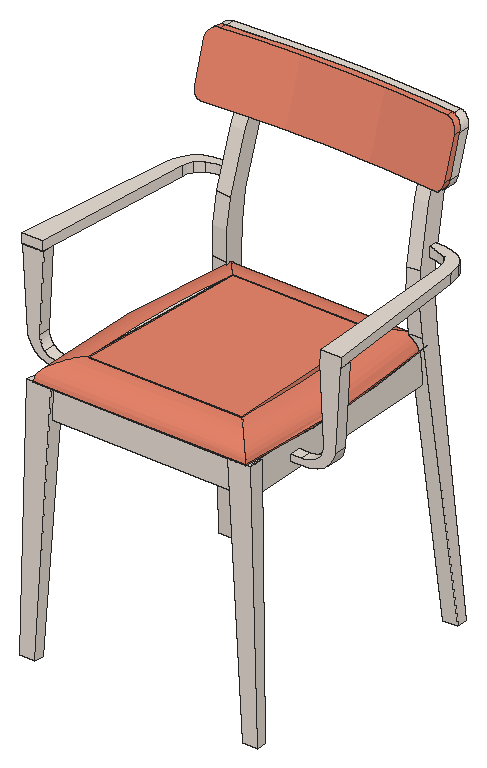
Revit family "FU_Chair_Sandler_Inga 2-3", category Furniture, Revit 2020
Family settings
  OmniClass Number = 23.40.20.00
  OmniClass Title = General Furniture and Specialties
  Work Plane-Based = No
  Always vertical = Yes
  Cut with Voids When Loaded = No
  Shared = No
  Room Calculation Point = No
Parameters (values of type "Inga 2.3")
  Width = 465 mm
  URL = "https://www.sandlerseating.com/product/inga-2-3/"
  Seat [instance] = Fabric - Manhattan - Lexington YI113
  Model = "Inga 2.3"
  Manufacturer = "Sandler"
  Height = 850 mm
  Frame [instance] = Wood -  Aniline - White
  Description = "Stackable armchair with an upholstered seat and back on a solid beech frame."
  Depth = 505 mm
  Default Elevation = 0 mm
Reference planes
  plane 1 "Center (Front/Back)": y = 0
  plane 2: z = 0
  plane 3 "Center (Left/Right)": x = 0
  plane 4 "Right": x = -232.5
  plane 5 "Left": x = 232.5
  plane 6 "Back": y = 252.5
  plane 7 "Front": y = -252.5
  plane 8 "Height": z = 850
  plane 9 "Seat height": z = 480
  plane 10 "BR L Angle Front": through (-170.406, -1524, 798.107) normal (0.9986, 0, -0.0525)
  plane 11 "Frame Height": z = 464.829
  plane 12: x = -297.5
  plane 13: x = 297.5
  plane 14 "Arm Height": z = 634.249
  plane 15 "arm front": y = -152.936
Forms (mm)
  Extrusion 1, solid, material "Wood -  Aniline - White" <- "Frame"
    sketch origin (-211.773, 0, 11.254) x (0.052501, 0, 0.998621) y (0, -1, 0)
      loop
        line (-11.17, -211.485) -> (-11.17, -231.113) -> (480.792, -196.712)
        arc (480.792, -196.712) -> (535.769, -194.943) -> (590.586, -199.497) r 478.313
        arc (590.586, -199.497) -> (681.592, -217.224) -> (770.268, -244.297) r 892.578
        arc (770.268, -244.297) -> (782.45, -242.471) -> (787.563, -231.264) r 12.917
        arc (787.563, -231.264) -> (691.299, -191.886) -> (590.509, -166.224) r 748.904
        arc (590.509, -166.224) -> (535.595, -160.79) -> (480.526, -164.305) r 340.245
        line (480.526, -164.305) -> (-11.17, -211.485)
    from -9.615 to 16.927
  Extrusion 2, solid, material "Wood -  Aniline - White" <- "Frame"
    sketch origin (211.773, 0, 11.254) x (-0.052501, 0, 0.998621) y (0, 1, 0)
      loop
        line (-11.17, 211.485) -> (480.526, 164.305)
        arc (480.526, 164.305) -> (535.595, 160.79) -> (590.509, 166.224) r 340.245
        arc (590.509, 166.224) -> (691.299, 191.886) -> (787.563, 231.264) r 748.904
        arc (787.563, 231.264) -> (782.45, 242.471) -> (770.268, 244.297) r 12.917
        arc (770.268, 244.297) -> (681.592, 217.224) -> (590.586, 199.497) r 892.578
        arc (590.586, 199.497) -> (535.769, 194.943) -> (480.792, 196.712) r 478.313
        line (480.792, 196.712) -> (-11.17, 231.113) -> (-11.17, 211.485)
    from -9.615 to 16.927
  Blend 3, solid, material "Wood -  Aniline - White" <- "Frame"
    base sketch origin (0, 0, 0) x (1, 0, 0) y (0, 1, 0)
      loop
        line (-222.143, -252.5) -> (-194.143, -252.5) -> (-192.581, -235) -> (-220.581, -235) -> (-222.143, -252.5)
    top sketch origin (0, 0, 0) x (1, 0, 0) y (0, 1, 0)
      loop
        line (-208.793, -252.5) -> (-165.202, -252.5) -> (-163.672, -225.762) -> (-207.263, -225.762) -> (-208.793, -252.5)
    from 0 to 464.829
  Blend 4, solid, material "Wood -  Aniline - White" <- "Frame"
    base sketch origin (0, 0, 0) x (-1, 0, 0) y (0, -1, 0)
      loop
        line (-222.143, 252.5) -> (-220.581, 235) -> (-192.581, 235) -> (-194.143, 252.5) -> (-222.143, 252.5)
    top sketch origin (0, 0, 0) x (-1, 0, 0) y (0, -1, 0)
      loop
        line (-208.793, 252.5) -> (-207.263, 225.762) -> (-163.672, 225.762) -> (-165.202, 252.5) -> (-208.793, 252.5)
    from 0 to 464.829
  Extrusion 5, solid, material "Wood -  Aniline - White" <- "Frame"
    sketch origin (0, 0, 464.829) x (-1, 0, 0) y (0, -1, 0)
      loop
        line (205.371, 246.484) -> (-205.371, 246.484) -> (-187.14, -189.895) -> (187.14, -189.895) -> (205.371, 246.484)
      loop
        line (-187.207, 232.22) -> (-170.168, -175.631) -> (170.168, -175.631) -> (187.207, 232.22) -> (-187.207, 232.22)
    from -56.316 to 0
  Sweep 6, solid, material "Wood -  Aniline - White" <- "Frame"
    path origin (0, 0, 0) x (0, 1, 0) y (0, 0, 1)
      loop
        line (215.898, 721.402) -> (256.979, 850)
    profile "Pro_Inga_Back : Pro_Inga_Back" origin (0, 236.438, 785.701) x (0, -0.952575, 0.304305) y (1, 0, 0)
      loop
        arc (30.116, 241.175) -> (0, -0.038) -> (30.717, -241.175) r 971.366
        line (30.717, -241.175) -> (45.91, -241.175)
        arc (45.91, -241.175) -> (14.46, 0.005) -> (45.984, 241.175) r 939.367
        line (45.984, 241.175) -> (30.116, 241.175)
  Extrusion 7, void
    sketch origin (0, 0, 0) x (1, 0, 0) y (0, 0, 1)
      loop
        arc (210.726, 850.67) -> (-0.03, 841.01) -> (-210.837, 849.498) r 2452.694
        arc (-210.837, 849.498) -> (-226.041, 844.286) -> (-232.5, 829.568) r 20
        line (-232.5, 829.568) -> (-232.5, 759.709)
        arc (-232.5, 759.709) -> (-227.228, 746.178) -> (-214.191, 739.78) r 20
        arc (-214.191, 739.78) -> (0.083, 731.011) -> (214.303, 740.992) r 2452.694
        arc (214.303, 740.992) -> (227.266, 747.421) -> (232.5, 760.91) r 20
        line (232.5, 760.91) -> (232.5, 830.749)
        arc (232.5, 830.749) -> (226, 845.505) -> (210.726, 850.67) r 20
      loop
        line (-261.767, 883.137) -> (-261.767, 708.137) -> (258.233, 708.137) -> (258.233, 883.137) -> (-261.767, 883.137)
    from -262.214 to -161.753
  Extrusion 8, solid, material "Wood -  Aniline - White" <- "Frame"
    sketch origin (0, 0, 634.249) x (-1, 0, 0) y (0, -1, 0)
      loop
        line (-258.681, 152.936) -> (-297.5, 152.936) -> (-265.625, -141.257)
        arc (-265.625, -141.257) -> (-263.246, -154.622) -> (-259.071, -167.539) r 99.55
        arc (-259.071, -167.539) -> (-250.025, -181.605) -> (-236.394, -191.295) r 44.127
        arc (-236.394, -191.295) -> (-213.584, -198.742) -> (-189.69, -200.946) r 107.561
        line (-189.69, -200.946) -> (-189.69, -185.85)
        arc (-189.69, -185.85) -> (-206.459, -183.339) -> (-222.442, -177.679) r 88.584
        arc (-222.442, -177.679) -> (-229.589, -172.891) -> (-234.947, -166.161) r 28.023
        arc (-234.947, -166.161) -> (-238.414, -156.757) -> (-240.003, -146.862) r 51.741
        line (-240.003, -146.862) -> (-258.681, 152.936)
    from -17 to 0
  Extrusion 9, solid, material "Wood -  Aniline - White" <- "Frame"
    sketch origin (0, -152.936, 0) x (-1, 0, 0) y (0, 0, 1)
      loop
        line (-257.647, 617.249) -> (-296.362, 617.249) -> (-286.988, 471.434)
        arc (-286.988, 471.434) -> (-280.3, 453.798) -> (-266.83, 440.597) r 43.897
        arc (-266.83, 440.597) -> (-244.849, 431.096) -> (-221.038, 428.553) r 79.704
        line (-221.038, 428.553) -> (-194.967, 428.553) -> (-194.967, 440.864) -> (-221.579, 440.864)
        arc (-221.579, 440.864) -> (-239.316, 443.436) -> (-254.871, 452.338) r 47.974
        arc (-254.871, 452.338) -> (-262.677, 462.948) -> (-264.994, 475.914) r 29.042
        line (-264.994, 475.914) -> (-257.647, 617.249)
    from 0 to 21.041
  Extrusion 10, solid, material "Wood -  Aniline - White" <- "Frame"
    sketch origin (0, 0, 634.249) x (1, 0, 0) y (0, 1, 0)
      loop
        line (-258.681, -152.936) -> (-240.003, 146.862)
        arc (-240.003, 146.862) -> (-238.414, 156.757) -> (-234.947, 166.161) r 51.741
        arc (-234.947, 166.161) -> (-229.589, 172.891) -> (-222.442, 177.679) r 28.023
        arc (-222.442, 177.679) -> (-206.459, 183.339) -> (-189.69, 185.85) r 88.584
        line (-189.69, 185.85) -> (-189.69, 200.946)
        arc (-189.69, 200.946) -> (-213.584, 198.742) -> (-236.394, 191.295) r 107.561
        arc (-236.394, 191.295) -> (-250.025, 181.605) -> (-259.071, 167.539) r 44.127
        arc (-259.071, 167.539) -> (-263.246, 154.622) -> (-265.625, 141.257) r 99.55
        line (-265.625, 141.257) -> (-297.5, -152.936) -> (-258.681, -152.936)
    from -17 to 0
  Extrusion 11, solid, material "Wood -  Aniline - White" <- "Frame"
    sketch origin (0, -152.936, 0) x (1, 0, 0) y (0, 0, -1)
      loop
        line (-257.647, -617.249) -> (-264.994, -475.914)
        arc (-264.994, -475.914) -> (-262.677, -462.948) -> (-254.871, -452.338) r 29.042
        arc (-254.871, -452.338) -> (-239.316, -443.436) -> (-221.579, -440.864) r 47.974
        line (-221.579, -440.864) -> (-194.967, -440.864) -> (-194.967, -428.553) -> (-221.038, -428.553)
        arc (-221.038, -428.553) -> (-244.849, -431.096) -> (-266.83, -440.597) r 79.704
        arc (-266.83, -440.597) -> (-280.3, -453.798) -> (-286.988, -471.434) r 43.897
        line (-286.988, -471.434) -> (-296.362, -617.249) -> (-257.647, -617.249)
    from 0 to 21.041
  Extrusion 12, solid, material "Fabric - Manhattan - Lexington YI113" <- "Seat"
    sketch origin (0.13, -0.111, 462.638) x (-1, 0, 0) y (0, -1, 0)
      loop
        line (143.159, 192.5) -> (-143.159, 192.5)
        arc (-143.159, 192.5) -> (-144.86, 31.03) -> (-131.489, -129.895) r 1729.054
        line (-131.489, -129.895) -> (131.489, -129.895)
        arc (131.489, -129.895) -> (144.86, 31.03) -> (143.159, 192.5) r 1729.054
    from 0 to 36
  Sweep 13, solid, material "Fabric - Manhattan - Lexington YI113" <- "Seat"
    path in 3D
      loop
        arc (143.29, -192.611, 498.638) -> (144.99, -31.141, 498.638) -> (131.62, 129.783, 498.638) r 1729.054
        line (131.62, 129.783, 498.638) -> (-131.359, 129.783, 498.638)
        arc (-131.359, 129.783, 498.638) -> (-144.73, -31.141, 498.638) -> (-143.029, -192.611, 498.638) r 1729.054
        line (-143.029, -192.611, 498.638) -> (143.29, -192.611, 498.638)
    profile "Pro_Inga_Seat_Edge : Pro_Inga_Seat_Edge" origin (0.13, -192.611, 498.638) x (0, 1, 0) y (0, 0, 1)
      loop
        spline (0, 0) -> (-7.53, -0.285) -> (-14.94, -1.134) -> (-22.115, -2.534) -> (-28.939, -4.464) -> (-35.306, -6.892) -> (-41.115, -9.781) -> (-46.274, -13.084) -> (-50.701, -16.75) -> (-54.327, -20.719) -> (-57.093, -24.931) -> (-58.957, -29.317) -> (-59.889, -33.809)
        arc (-59.889, -33.809) -> (-58.813, -35.39) -> (-57, -36) r 3
        line (-57, -36) -> (0, -36) -> (0, 0)
Cuts and joins
  Extrusion 7 cuts Sweep 6
  joined: Extrusion 8, Extrusion 9
Lines and regions (mm)
  sketch lines
    curve 1: line (-143.029, -192.611, 498.638) -> (143.29, -192.611, 498.638)
    curve 2: arc (131.62, 129.783, 498.638) -> (144.99, -31.141, 498.638) -> (143.29, -192.611, 498.638) r 1729.054
    curve 3: line (131.62, 129.783, 498.638) -> (-131.359, 129.783, 498.638)
    curve 4: arc (-143.029, -192.611, 498.638) -> (-144.73, -31.141, 498.638) -> (-131.359, 129.783, 498.638) r 1729.054
Dimensions and locks
  equal spacing: plane 4 "Right", plane 3 "Center (Left/Right)", plane 5 "Left"
  "Width": plane 4 "Right" to plane 5 "Left"
  equal spacing: plane 6 "Back", plane 1 "Center (Front/Back)", plane 7 "Front"
  "Depth": plane 6 "Back" to plane 7 "Front"
  "Height": plane 8 "Height" to level
  plane 9 "Seat height" to level = 480 mm
  equal spacing: plane 12, plane 3 "Center (Left/Right)", plane 13
  plane 12 to plane 13 = 595 mm
  plane 14 "Arm Height" to level = 634.249 mm
  aligned and locked: level to plane 2
  aligned and locked: plane 11 "Frame Height" to Extrusion 5
Automatic sketch dimensions
  Extrusion 1 sketch curve to plane 6 "Back" = 41.015 mm
  Extrusion 1 sketch curve to Extrusion 1 sketch curve = 467.74 mm
  Extrusion 1 sketch curve to Extrusion 1 sketch curve = 9.088 mm
  Extrusion 1 sketch curve to plane 6 "Back" = 88.195 mm
  Extrusion 1 sketch curve to Extrusion 1 sketch curve = 491.695 mm
  Extrusion 1 sketch curve to plane 6 "Back" = 55.788 mm
  Extrusion 1 sketch curve to Extrusion 1 sketch curve = 0.267 mm
  Extrusion 1 sketch curve to Extrusion 1 sketch curve = 67.07 mm
  Extrusion 1 sketch curve to Extrusion 1 sketch curve = 6.017 mm
  Extrusion 1 sketch curve to plane 6 "Back" = 20.345 mm
  Extrusion 1 sketch curve to Extrusion 1 sketch curve = 293.884 mm
  plane 6 "Back" to Extrusion 1 sketch curve = 248.484 mm
  Extrusion 1 sketch curve to Extrusion 1 sketch curve = 172.118 mm
  Extrusion 1 sketch curve to Extrusion 1 sketch curve = 229.952 mm
  Extrusion 1 sketch curve to Extrusion 1 sketch curve = 180.235 mm
  Extrusion 1 sketch curve to Extrusion 1 sketch curve = 19.628 mm
  Extrusion 1 sketch curve to Extrusion 1 sketch curve = 0 mm  (x3)
  Extrusion 2 sketch curve to plane 6 "Back" = 41.015 mm
  Extrusion 2 sketch curve to Extrusion 2 sketch curve = 467.74 mm
  Extrusion 2 sketch curve to Extrusion 2 sketch curve = 9.088 mm
  Extrusion 2 sketch curve to plane 6 "Back" = 88.195 mm
  Extrusion 2 sketch curve to Extrusion 2 sketch curve = 491.695 mm
  Extrusion 2 sketch curve to plane 6 "Back" = 55.788 mm
  Extrusion 2 sketch curve to Extrusion 2 sketch curve = 0.267 mm
  Extrusion 2 sketch curve to Extrusion 2 sketch curve = 67.07 mm
  Extrusion 2 sketch curve to Extrusion 2 sketch curve = 6.017 mm
  Extrusion 2 sketch curve to plane 6 "Back" = 20.345 mm
  Extrusion 2 sketch curve to Extrusion 2 sketch curve = 293.884 mm
  Extrusion 2 sketch curve to Extrusion 2 sketch curve = 19.628 mm
  plane 6 "Back" to Extrusion 2 sketch curve = 248.484 mm
  Extrusion 2 sketch curve to Extrusion 2 sketch curve = 172.118 mm
  Extrusion 2 sketch curve to Extrusion 2 sketch curve = 229.952 mm
  Extrusion 2 sketch curve to Extrusion 2 sketch curve = 180.235 mm
  Extrusion 2 sketch curve to Extrusion 2 sketch curve = 0 mm  (x3)
  Blend 3 sketch curve to plane 7 "Front" = 0 mm  (x2)
  Blend 3 sketch curve to plane 4 "Right" = 10.357 mm
  Blend 3 sketch curve to plane 4 "Right" = 11.919 mm
  Blend 3 sketch curve to Blend 3 sketch curve = 28 mm
  plane 7 "Front" to Blend 3 sketch curve = 17.5 mm
  Blend 3 sketch curve to Blend 3 sketch curve = 1.563 mm
  Blend 3 sketch curve to plane 4 "Right" = 23.707 mm
  Blend 3 sketch curve to plane 4 "Right" = 25.237 mm
  Blend 3 sketch curve to Blend 3 sketch curve = 43.591 mm
  plane 7 "Front" to Blend 3 sketch curve = 26.738 mm
  Blend 3 sketch curve to Blend 3 sketch curve = 1.53 mm
  Blend 4 sketch curve to plane 7 "Front" = 0 mm  (x2)
  Blend 4 sketch curve to plane 5 "Left" = 10.357 mm
  Blend 4 sketch curve to plane 5 "Left" = 11.919 mm
  Blend 4 sketch curve to Blend 4 sketch curve = 28 mm
  Blend 4 sketch curve to plane 7 "Front" = 17.5 mm
  Blend 4 sketch curve to Blend 4 sketch curve = 1.563 mm
  Blend 4 sketch curve to plane 5 "Left" = 23.707 mm
  Blend 4 sketch curve to plane 5 "Left" = 25.237 mm
  Blend 4 sketch curve to Blend 4 sketch curve = 43.591 mm
  Blend 4 sketch curve to plane 7 "Front" = 26.738 mm
  Blend 4 sketch curve to Blend 4 sketch curve = 1.53 mm
  plane 7 "Front" to Extrusion 5 sketch curve = 6.016 mm
  plane 5 "Left" to Extrusion 5 sketch curve = 27.129 mm
  plane 7 "Front" to Extrusion 5 sketch curve = 20.28 mm
  Extrusion 5 sketch curve to Extrusion 5 sketch curve = 18.164 mm  (x2)
  plane 5 "Left" to Extrusion 5 sketch curve = 45.36 mm
  Extrusion 5 sketch curve to Extrusion 5 sketch curve = 16.972 mm  (x2)
  Extrusion 5 sketch curve to plane 4 "Right" = 62.332 mm
  Extrusion 5 sketch curve to plane 4 "Right" = 45.293 mm
  Extrusion 5 sketch curve to plane 6 "Back" = 76.869 mm
  Extrusion 5 sketch curve to Extrusion 5 sketch curve = 14.264 mm
  Sweep 6 sketch curve to plane 8 "Height" = 0 mm
  Sweep 6 sketch curve to plane 6 "Back" = 36.602 mm
  plane 6 "Back" to Sweep 6 sketch curve = 4.479 mm
  plane 14 "Arm Height" to Sweep 6 sketch curve = 87.154 mm
  plane 4 "Right" to Extrusion 7 sketch curve = 0 mm
  plane 5 "Left" to Extrusion 7 sketch curve = 0 mm
  plane 4 "Right" to Extrusion 7 sketch curve = 29.267 mm
  Extrusion 7 sketch curve to plane 4 "Right" = 20 mm  (x2)
  Extrusion 7 sketch curve to plane 3 "Center (Left/Right)" = 6.849 mm  (x2)
  Extrusion 7 sketch curve to Extrusion 7 sketch curve = 20 mm  (x2)
  Extrusion 7 sketch curve to plane 5 "Left" = 25.733 mm
  plane 14 "Arm Height" to Extrusion 7 sketch curve = 73.888 mm
  Extrusion 7 sketch curve to Extrusion 7 sketch curve = 51.572 mm
  Extrusion 7 sketch curve to Extrusion 7 sketch curve = 52.773 mm
  Extrusion 7 sketch curve to plane 8 "Height" = 20.432 mm
  Extrusion 7 sketch curve to plane 8 "Height" = 19.251 mm
  plane 8 "Height" to Extrusion 7 sketch curve = 33.137 mm
  Extrusion 7 sketch curve to Extrusion 7 sketch curve = 2300.558 mm
  Extrusion 7 sketch curve to Extrusion 7 sketch curve = 110 mm
  Extrusion 7 sketch curve to Extrusion 7 sketch curve = 0 mm  (x2)
  Extrusion 8 sketch curve to plane 13 = 0 mm
  Extrusion 8 sketch curve to plane 15 "arm front" = 0 mm
  plane 13 to Extrusion 8 sketch curve = 31.875 mm
  Extrusion 8 sketch curve to plane 5 "Left" = 26.181 mm
  Extrusion 8 sketch curve to plane 5 "Left" = 7.503 mm
  plane 5 "Left" to Extrusion 8 sketch curve = 14.394 mm
  Extrusion 8 sketch curve to Extrusion 8 sketch curve = 7.503 mm
  plane 5 "Left" to Extrusion 8 sketch curve = 40.684 mm
  plane 5 "Left" to Extrusion 8 sketch curve = 42.81 mm
  Extrusion 8 sketch curve to Extrusion 8 sketch curve = 22.241 mm
  Extrusion 8 sketch curve to Extrusion 8 sketch curve = 6.8 mm
  Extrusion 8 sketch curve to Extrusion 8 sketch curve = 21.708 mm
  Extrusion 8 sketch curve to plane 1 "Center (Front/Back)" = 93.406 mm
  Extrusion 8 sketch curve to Extrusion 8 sketch curve = 3.983 mm
  Extrusion 8 sketch curve to Extrusion 8 sketch curve = 33.145 mm
  Extrusion 8 sketch curve to Extrusion 8 sketch curve = 47.851 mm
  Extrusion 8 sketch curve to Extrusion 8 sketch curve = 13.11 mm
  Extrusion 8 sketch curve to Extrusion 8 sketch curve = 5.604 mm
  Extrusion 8 sketch curve to Extrusion 8 sketch curve = 4.275 mm
  Extrusion 8 sketch curve to Extrusion 8 sketch curve = 1.143 mm
  Extrusion 8 sketch curve to Extrusion 8 sketch curve = 33.571 mm
  Extrusion 8 sketch curve to Extrusion 8 sketch curve = 15.096 mm
  Extrusion 8 sketch curve to Extrusion 8 sketch curve = 0 mm
  Extrusion 8 sketch curve to plane 5 "Left" = 2.447 mm
  plane 13 to Extrusion 9 sketch curve = 1.138 mm
  plane 13 to Extrusion 9 sketch curve = 10.512 mm
  Extrusion 9 sketch curve to plane 9 "Seat height" = 4.086 mm
  Extrusion 9 sketch curve to Extrusion 9 sketch curve = 21.994 mm
  Extrusion 9 sketch curve to plane 5 "Left" = 25.147 mm
  Extrusion 9 sketch curve to plane 9 "Seat height" = 2.183 mm
  Extrusion 9 sketch curve to plane 5 "Left" = 11.058 mm
  Extrusion 9 sketch curve to plane 5 "Left" = 3.491 mm
  plane 5 "Left" to Extrusion 9 sketch curve = 7.925 mm
  plane 5 "Left" to Extrusion 9 sketch curve = 8.816 mm
  plane 5 "Left" to Extrusion 9 sketch curve = 10.921 mm
  plane 5 "Left" to Extrusion 9 sketch curve = 11.462 mm
  Extrusion 9 sketch curve to Extrusion 9 sketch curve = 26.071 mm
  Extrusion 9 sketch curve to plane 9 "Seat height" = 5.594 mm
  plane 11 "Frame Height" to Extrusion 9 sketch curve = 6.605 mm
  Extrusion 9 sketch curve to plane 11 "Frame Height" = 23.965 mm
  Extrusion 9 sketch curve to Extrusion 9 sketch curve = 12.311 mm
  plane 9 "Seat height" to Extrusion 9 sketch curve = 8.792 mm
  Extrusion 9 sketch curve to Extrusion 9 sketch curve = 19.386 mm
  Extrusion 9 sketch curve to plane 14 "Arm Height" = 17 mm
  Extrusion 10 sketch curve to plane 12 = 0 mm
  Extrusion 10 sketch curve to plane 15 "arm front" = 0 mm
  Extrusion 10 sketch curve to plane 12 = 31.875 mm
  Extrusion 10 sketch curve to plane 4 "Right" = 26.181 mm
  Extrusion 10 sketch curve to plane 4 "Right" = 7.503 mm
  plane 4 "Right" to Extrusion 10 sketch curve = 14.394 mm
  Extrusion 10 sketch curve to Extrusion 10 sketch curve = 7.503 mm
  plane 4 "Right" to Extrusion 10 sketch curve = 40.684 mm
  plane 4 "Right" to Extrusion 10 sketch curve = 42.81 mm
  Extrusion 10 sketch curve to Extrusion 10 sketch curve = 22.241 mm
  Extrusion 10 sketch curve to Extrusion 10 sketch curve = 6.8 mm
  Extrusion 10 sketch curve to Extrusion 10 sketch curve = 21.708 mm
  plane 1 "Center (Front/Back)" to Extrusion 10 sketch curve = 93.406 mm
  Extrusion 10 sketch curve to Extrusion 10 sketch curve = 3.983 mm
  Extrusion 10 sketch curve to Extrusion 10 sketch curve = 33.145 mm
  Extrusion 10 sketch curve to Extrusion 10 sketch curve = 47.851 mm
  Extrusion 10 sketch curve to Extrusion 10 sketch curve = 13.11 mm
  Extrusion 10 sketch curve to Extrusion 10 sketch curve = 5.604 mm
  Extrusion 10 sketch curve to Extrusion 10 sketch curve = 4.275 mm
  Extrusion 10 sketch curve to Extrusion 10 sketch curve = 1.143 mm
  Extrusion 10 sketch curve to Extrusion 10 sketch curve = 33.571 mm
  Extrusion 10 sketch curve to Extrusion 10 sketch curve = 15.096 mm
  Extrusion 10 sketch curve to Extrusion 10 sketch curve = 0 mm
  Extrusion 10 sketch curve to plane 4 "Right" = 2.447 mm
  Extrusion 11 sketch curve to plane 12 = 1.138 mm
  Extrusion 11 sketch curve to plane 12 = 10.512 mm
  plane 9 "Seat height" to Extrusion 11 sketch curve = 4.086 mm
  Extrusion 11 sketch curve to Extrusion 11 sketch curve = 21.994 mm
  Extrusion 11 sketch curve to plane 4 "Right" = 25.147 mm
  plane 9 "Seat height" to Extrusion 11 sketch curve = 2.183 mm
  Extrusion 11 sketch curve to plane 4 "Right" = 11.058 mm
  Extrusion 11 sketch curve to plane 4 "Right" = 3.491 mm
  plane 4 "Right" to Extrusion 11 sketch curve = 7.925 mm
  plane 4 "Right" to Extrusion 11 sketch curve = 8.816 mm
  plane 4 "Right" to Extrusion 11 sketch curve = 10.921 mm
  plane 4 "Right" to Extrusion 11 sketch curve = 11.462 mm
  Extrusion 11 sketch curve to Extrusion 11 sketch curve = 26.071 mm
  plane 9 "Seat height" to Extrusion 11 sketch curve = 5.594 mm
  Extrusion 11 sketch curve to plane 11 "Frame Height" = 6.605 mm
  plane 11 "Frame Height" to Extrusion 11 sketch curve = 23.965 mm
  Extrusion 11 sketch curve to Extrusion 11 sketch curve = 12.311 mm
  Extrusion 11 sketch curve to plane 9 "Seat height" = 8.792 mm
  Extrusion 11 sketch curve to Extrusion 11 sketch curve = 19.386 mm
  plane 14 "Arm Height" to Extrusion 11 sketch curve = 17 mm
  plane 15 "arm front" to Extrusion 12 sketch curve = 59.248 mm  (x2)
  Extrusion 12 sketch curve to plane 13 = 1285.693 mm
  plane 5 "Left" to Extrusion 12 sketch curve = 89.21 mm
  plane 5 "Left" to Extrusion 12 sketch curve = 100.88 mm
  Extrusion 12 sketch curve to plane 4 "Right" = 101.141 mm
  Extrusion 12 sketch curve to plane 15 "arm front" = 39.675 mm
  Extrusion 12 sketch curve to plane 3 "Center (Left/Right)" = 143.029 mm
Nested families
  nested 1: "Inga_Uph-Back" at (0, 0, 0), Seat <- "Seat", type "Inga Upholstered Back"
    with Seat Fabric - Manhattan - Lexington YI113
Definition of nested family "Inga_Uph-Back"
  Parameters (values of type "Inga Upholstered Back")
    Width = 465 mm
    URL = ""
    Seat [instance] = none
    Model = ""
    Manufacturer = ""
    Height = 850 mm
    Description = ""
    Depth = 505 mm
    Default Elevation = 0 mm
  Reference planes
    plane 1 "Center (Front/Back)": y = 0
    plane 2: z = 0
    plane 3 "Center (Left/Right)": x = 0
    plane 4 "Right": x = -232.5
    plane 5 "Left": x = 232.5
    plane 6 "Back": y = 252.5
    plane 7 "Front": y = -252.5
    plane 8 "Height": z = 850
    plane 9 "Seat height": z = 480
    plane 10 "BR L Angle Front": through (-170.406, -1524, 798.107) normal (0.9986, 0, -0.0525)
    plane 11 "Frame Height": z = 464.829
  Forms (mm)
    Sweep 1, solid, material <- "Seat"
      path origin (0, 0, 0) x (0, 1, 0) y (0, 0, 1)
        loop
          line (215.898, 721.402) -> (256.979, 850)
      profile "Pro_Inga_Uph-Back : Pro_Inga_Uph-Back" origin (0, 236.438, 785.701) x (0, -0.952575, 0.304305) y (1, 0, 0)
        loop
          arc (45.116, 241.175) -> (15, -0.038) -> (45.717, -241.175) r 971.366
          line (45.717, -241.175) -> (56.451, -241.175)
          arc (56.451, -241.175) -> (25, 0.005) -> (56.524, 241.175) r 939.367
          line (56.524, 241.175) -> (45.116, 241.175)
    Extrusion 2, void
      sketch origin (-2.5, 0, 0) x (1, 0, 0) y (0, 0, 1)
        loop
          arc (210.726, 850.67) -> (-0.03, 841.01) -> (-210.837, 849.498) r 2452.694
          arc (-210.837, 849.498) -> (-226.041, 844.286) -> (-232.5, 829.568) r 20
          line (-232.5, 829.568) -> (-232.5, 759.709)
          arc (-232.5, 759.709) -> (-227.228, 746.178) -> (-214.191, 739.78) r 20
          arc (-214.191, 739.78) -> (0.083, 731.011) -> (214.303, 740.992) r 2452.694
          arc (214.303, 740.992) -> (227.266, 747.421) -> (232.5, 760.91) r 20
          line (232.5, 760.91) -> (232.5, 830.749)
          arc (232.5, 830.749) -> (226, 845.505) -> (210.726, 850.67) r 20
        loop
          line (-261.767, 883.137) -> (-261.767, 708.137) -> (258.233, 708.137) -> (258.233, 883.137) -> (-261.767, 883.137)
      from -262.214 to -161.753
  Cuts and joins
    Extrusion 2 cuts Sweep 1
  Dimensions and locks
    equal spacing: plane 4 "Right", plane 3 "Center (Left/Right)", plane 5 "Left"
    "Width": plane 4 "Right" to plane 5 "Left"
    equal spacing: plane 6 "Back", plane 1 "Center (Front/Back)", plane 7 "Front"
    "Depth": plane 6 "Back" to plane 7 "Front"
    "Height": plane 8 "Height" to level
    plane 9 "Seat height" to level = 480 mm
    aligned and locked: level to plane 2
  Automatic sketch dimensions
    Sweep 1 sketch curve to plane 8 "Height" = 0 mm
    Sweep 1 sketch curve to plane 6 "Back" = 36.602 mm
    plane 6 "Back" to Sweep 1 sketch curve = 4.479 mm
    Sweep 1 sketch curve to plane 8 "Height" = 128.598 mm
    plane 4 "Right" to Extrusion 2 sketch curve = 31.767 mm
    plane 4 "Right" to Extrusion 2 sketch curve = 2.5 mm
    Extrusion 2 sketch curve to plane 4 "Right" = 17.5 mm  (x2)
    Extrusion 2 sketch curve to plane 3 "Center (Left/Right)" = 9.349 mm  (x2)
    plane 5 "Left" to Extrusion 2 sketch curve = 22.5 mm  (x2)
    plane 5 "Left" to Extrusion 2 sketch curve = 2.5 mm
    Extrusion 2 sketch curve to plane 5 "Left" = 23.233 mm
    Extrusion 2 sketch curve to plane 8 "Height" = 141.863 mm
    Extrusion 2 sketch curve to Extrusion 2 sketch curve = 51.572 mm
    Extrusion 2 sketch curve to Extrusion 2 sketch curve = 52.773 mm
    Extrusion 2 sketch curve to plane 8 "Height" = 20.432 mm
    Extrusion 2 sketch curve to plane 8 "Height" = 19.251 mm
    plane 8 "Height" to Extrusion 2 sketch curve = 33.137 mm
    Extrusion 2 sketch curve to Extrusion 2 sketch curve = 2300.558 mm
    Extrusion 2 sketch curve to Extrusion 2 sketch curve = 110 mm
    Extrusion 2 sketch curve to Extrusion 2 sketch curve = 0 mm  (x2)
